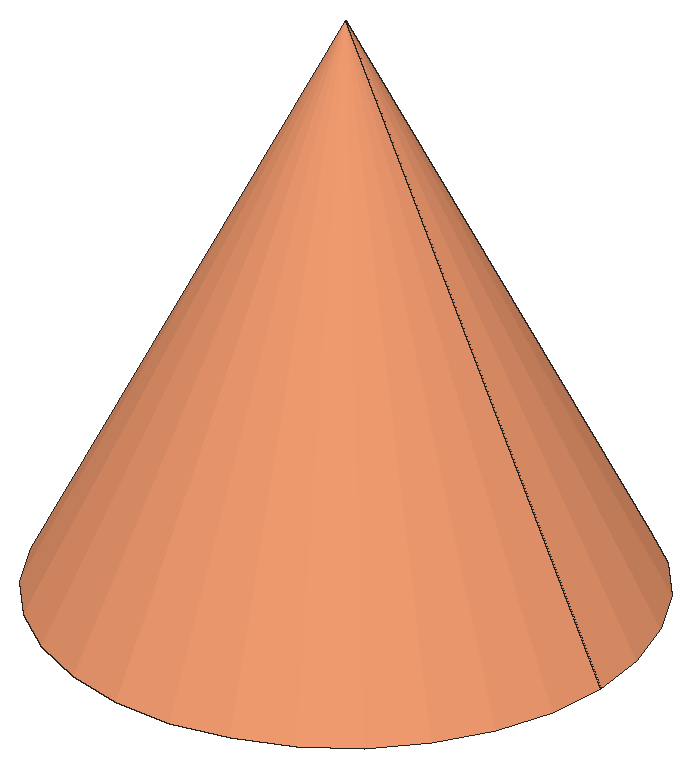
Revit family "Fall Mark", category Generic Models, Revit 2021
Family settings
  Can host rebar = No
  Round Connector Dimension = Use Diameter
  Part Type = Normal
  Work Plane-Based = No
  Always vertical = Yes
  Cut with Voids When Loaded = No
  Shared = No
  Room Calculation Point = No
Parameters
  Width [instance] = 200 mm
  Lenght Side Triangle [instance] = sqrt(Lenght ^ 2 + (Width / 2) ^ 2)  # 608.276 mm
  Lenght [instance] = 600 mm
  Lenght Base Triangle [instance] = Width  # 200 mm
  Height [instance] = 200 mm
  Default Elevation = 0 mm
Reference planes
  plane 1 "Center (Front/Back)": y = 0
  plane 2: z = 0
  plane 3 "Center (Left/Right)": x = 0
Forms (mm)
  Revolve 1, solid, material "Mark Material"
    sketch origin (0, 0, 0) x (1, 0, 0) y (0, 0, 1)
      loop
        line (0, 200) -> (-100, 0) -> (0, 0) -> (0, 200)
      axis (0, 200) -> (0, 0)
    angle from 0 to 360
Lines and regions (mm)
  reference lines
    curve 1: line (-247.176, 600, 0) -> (210, 600, 0)
    curve 2: line (-100, 695.407, 0) -> (-100, -106.482, 0)
    curve 3: line (100, 695.407, 0) -> (100, -106.482, 0)
    curve 4: line (-354.461, 0, 200) -> (300.539, 0, 200)
  symbolic lines
    curve 5: line (-100, 0, 0) -> (0, 600, 0)
    curve 6: line (0, 600, 0) -> (100, 0, 0)
    curve 7: line (100, 0, 0) -> (-100, 0, 0)
Dimensions and locks
  equal spacing: curve 2, plane 3 "Center (Left/Right)", curve 3
  "Lenght": plane 1 "Center (Front/Back)" to curve 1
  "Width": curve 2 to curve 3
  "Height": curve 4 to level
  aligned and locked: level to plane 2
Automatic sketch dimensions
  curve 4 to plane 3 "Center (Left/Right)" = 354.461 mm
  plane 3 "Center (Left/Right)" to curve 4 = 300.539 mm
  curve 1 to curve 2 = 147.176 mm
  curve 3 to curve 1 = 110 mm
  plane 1 "Center (Front/Back)" to curve 2 = 106.482 mm
  plane 1 "Center (Front/Back)" to curve 3 = 106.482 mm
  curve 1 to curve 3 = 95.407 mm
  curve 1 to curve 2 = 95.407 mm
  Revolve 1 sketch curve to level = 0 mm
  Revolve 1 sketch curve to plane 3 "Center (Left/Right)" = 0 mm
  Revolve 1 sketch curve to plane 3 "Center (Left/Right)" = 100 mm
  level to Revolve 1 sketch curve = 200 mm
  plane 1 "Center (Front/Back)" to curve 7 = 0 mm
  curve 6 to plane 3 "Center (Left/Right)" = 0 mm
  curve 6 to plane 1 "Center (Front/Back)" = 600 mm
  curve 5 to plane 3 "Center (Left/Right)" = 100 mm
  plane 3 "Center (Left/Right)" to curve 7 = 100 mm
